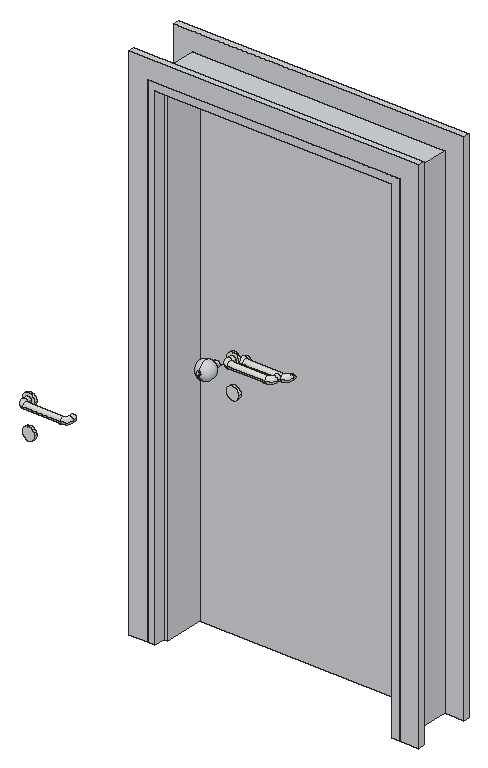
Revit family "0024_M_DR_W_FSD1", category 문, Revit 2026
Family settings
  호스트 = 벽
  항상 수직 = 예
  로드될 때 보이드를 사용하여 절단 = 아니오
  공유 = 아니오
  룸 계산 점 = 아니오
Parameters
  프레임 투영 외부 = 25 mm
  프레임 투영 내부 = 25 mm
  프레임 폭 = 75 mm
  창호부호 = "FSD"
  문틀재료 = "1.6mm ST`L EGI PL"
  문틀마감 = "조합페인트"
  문짝재료 = "1.2mm ST`L EGI PL  양면"
  문짝마감 = "정전분체도장"
  문번호 = "1"
  높이 = 2000 mm
  벽 마무리 = 호스트별
  폭 = 1000 mm
  Function = (empty or 0)
  Assembly Code = ""
Reference planes
  plane 1: y = 0
  plane 2 "중심(왼쪽/오른쪽)": x = 0
  plane 3 "왼쪽": x = -500
  plane 4 "오른쪽": x = 500
  plane 5: z = 2000
  plane 6 "외부": y = 100
  plane 7 "내부": y = -100
  plane 8 "축": x = -390
  plane 9: z = 940
  plane 10: y = 75
  plane 11: y = -75
Forms (mm)
  Extrusion 1, solid
    sketch origin (-3050, -100, 0) x (1, 0, 0) y (0, 0, 1)
      loop
        line (2475, 0) -> (2550, 0) -> (2550, 2000) -> (3550, 2000) -> (3550, 0) -> (3625, 0) -> (3625, 2075) -> (2475, 2075) -> (2475, 0)
    from 0 to 25
  Extrusion 2, solid
    sketch origin (-3050, 100, 0) x (-1, 0, 0) y (0, 0, 1)
      loop
        line (-2550, 0) -> (-2475, 0) -> (-2475, 2075) -> (-3625, 2075) -> (-3625, 0) -> (-3550, 0) -> (-3550, 2000) -> (-2550, 2000) -> (-2550, 0)
    from 0 to 25
  Sweep 3, solid
    path origin (0, -100, 0) x (1, 0, 0) y (0, 0, 1)
      loop
        line (-500, 0) -> (-500, 2000) -> (500, 2000) -> (500, 0)
    profile origin (-500, -100, 1000) x (-1, 0, 0) y (0, -1, 0)
      loop
        line (0, 25) -> (-30, 25) -> (-30, -20) -> (-45, -20) -> (-45, -180) -> (-30, -180) -> (-30, -225) -> (0, -225) -> (0, 25)
  Extrusion 4, solid
    sketch origin (0, 0, 0) x (1, 0, 0) y (0, 1, 0)
      loop
        line (-470, 80) -> (470, 80) -> (470, 120) -> (-470, 120) -> (-470, 80)
    from 0 to 1970
  Revolve 5, solid
    sketch origin (-390, -5, 0) x (0, -1, 0) y (0, 0, 1)
      loop
        arc (-144.576, 952.903) -> (-179.211, 974.937) -> (-210.957, 948.912) r 35
        line (-210.957, 948.912) -> (-207.421, 945.376) -> (-207.421, 940) -> (-2.579, 940) -> (-2.579, 945.376) -> (0.957, 948.912)
        arc (0.957, 948.912) -> (-30.789, 974.937) -> (-65.424, 952.903) r 35
        line (-65.424, 952.903) -> (-144.576, 952.903)
      axis (0.957, 940) -> (-210.957, 940)
    angle from 0 to 360
Lines and regions (mm)
  Opening 1
    outline origin (-3050, -100, 0) x (1, 0, 0) y (0, 0, 1)
      loop
        line (2550, 0) -> (3550, 0) -> (3550, 2000) -> (2550, 2000) -> (2550, 0)
  symbolic lines, style "입면도 스윙"
    curve 1: line (500, -100, 1000) -> (-500, -100, 2000)
    curve 2: line (-500, 100, 0) -> (500, 100, 1000)
  symbolic lines, style "Doors"
    curve 3: line (470, 1020.073, 0) -> (470, 80, 0)
    curve 4: line (430, 1020.073, 0) -> (470, 1020.073, 0)
    curve 5: line (430, 80, 0) -> (430, 1020.073, 0)
    curve 6: line (470, 80, 0) -> (430, 80, 0)
    curve 7: arc (430, 1020.073, 0) -> (-210.587, 732.5, 0) -> (-470, 80, 0) r 934.342
Text (mm)
  text "Exterior" at (-2295.016, 1099.543, 0), in view "참조 레벨"
  text "Exterior" at (0, 1615.38, 3698.081), in view "왼쪽"
  text "Exterior" at (0, 1036.032, 3874.932), in view "오른쪽"
Dimensions and locks
  equal spacing: plane 3 "왼쪽", plane 2 "중심(왼쪽/오른쪽)", plane 4 "오른쪽"
  "폭": plane 3 "왼쪽" to plane 4 "오른쪽"
  "높이": plane 5 to host wall
  host wall to plane 5 = 2000 mm  (x2)
  "프레임 투영 외부": Extrusion 2 to Extrusion 2
  "프레임 투영 내부": Extrusion 1 to Extrusion 1
  "프레임 폭": plane 3 "왼쪽" to Extrusion 1 sketch curve
  "프레임 폭": plane 4 "오른쪽" to Extrusion 1 sketch curve
  "프레임 폭": Extrusion 1 sketch curve to plane 5
  "프레임 폭": plane 4 "오른쪽" to Extrusion 2 sketch curve
  "프레임 폭": plane 3 "왼쪽" to Extrusion 2 sketch curve
  "프레임 폭": plane 5 to Extrusion 2 sketch curve
  locked: plane 6 "외부" to host wall at 0
  locked: plane 7 "내부" to host wall
  locked: plane 3 "왼쪽" to plane 8 "축" at 110
  aligned and locked: plane 3 "왼쪽" to Opening 1 sketch curve
  aligned and locked: plane 5 to Opening 1 sketch curve  (x2)
  aligned and locked: Opening 1 sketch curve to plane 4 "오른쪽"
  aligned and locked: Opening 1 sketch curve to level
  aligned and locked: level to Extrusion 1 sketch curve
  aligned and locked: plane 5 to Extrusion 1 sketch curve  (x2)
  aligned and locked: Extrusion 1 sketch curve to plane 4 "오른쪽"
  aligned and locked: Extrusion 1 sketch curve to plane 3 "왼쪽"
  aligned and locked: plane 3 "왼쪽" to Extrusion 2 sketch curve
  aligned and locked: plane 5 to Extrusion 2 sketch curve  (x2)
  aligned and locked: level to Extrusion 2 sketch curve
  aligned and locked: plane 5 to curve 1
  aligned and locked: plane 1 to host wall
  aligned and locked: Extrusion 4 sketch curve to Sweep 3  (x2)
  aligned and locked: Extrusion 4 to Sweep 3
  aligned and locked: Sweep 3 sketch curve to plane 5
  aligned and locked: Sweep 3 sketch curve to plane 4 "오른쪽"
  aligned and locked: plane 3 "왼쪽" to Sweep 3 sketch curve
  aligned and locked: host wall to curve 1
Automatic sketch dimensions
  Extrusion 2 sketch curve to plane 4 "오른쪽" = 0 mm
  Extrusion 1 sketch curve to level = 0 mm
  Extrusion 2 sketch curve to level = 0 mm
  Sweep 3 sketch curve to level = 0 mm  (x2)
  Extrusion 4 sketch curve to host wall = 20 mm
  host wall to Extrusion 4 sketch curve = 20 mm
  curve 7 to host wall = 20 mm
  curve 7 to plane 3 "왼쪽" = 30 mm
  plane 4 "오른쪽" to curve 7 = 70 mm
  curve 7 to host wall = 13.639 mm
  curve 5 to curve 7 = 34.321 mm
  plane 4 "오른쪽" to curve 4 = 30 mm
  curve 3 to curve 7 = 6.361 mm
  Sweep 3 sketch curve to profile plane = 0 mm
  profile plane to Sweep 3 sketch curve = 30 mm  (x2)
  Sweep 3 sketch curve to Sweep 3 sketch curve = 15 mm
  Sweep 3 sketch curve to plane 7 "내부" = 225 mm
  Sweep 3 sketch curve to Sweep 3 sketch curve = 45 mm
  Sweep 3 sketch curve to plane 7 "내부" = 20 mm
  plane 7 "내부" to Sweep 3 sketch curve = 25 mm
  Revolve 5 sketch curve to plane 9 = 0 mm  (x4)
  host wall to Revolve 5 sketch curve = 116.634 mm
  Revolve 5 sketch curve to Revolve 5 sketch curve = 10.677 mm
  Revolve 5 sketch curve to plane 9 = 5.376 mm  (x2)
  Revolve 5 sketch curve to Revolve 5 sketch curve = 3.536 mm  (x3)
  Revolve 5 sketch curve to Revolve 5 sketch curve = 30.311 mm
  Revolve 5 sketch curve to Revolve 5 sketch curve = 32.535 mm
  host wall to Revolve 5 sketch curve = 20 mm
  Revolve 5 sketch curve to plane 10 = 14.576 mm
  Revolve 5 sketch curve to host wall = 27.89 mm
  host wall to Revolve 5 sketch curve = 2.421 mm
  curve 2 to level = 0 mm
  curve 2 to plane 3 "왼쪽" = 0 mm
  curve 2 to plane 4 "오른쪽" = 0 mm
  curve 2 to curve 1 = 0 mm
  curve 1 to plane 4 "오른쪽" = 0 mm
  level to curve 2 = 1000 mm
Nested families
  nested 1: "KO_Door Handle" at (-270, 95, 0), type "KO_Door Handle"
  nested 2: "KO_Door Handle" at (-300, 55, 0), type "KO_Door Handle"
  nested 3: "KO_Door Handle" at (-635, -540, 0), type "KO_Door Handle"
Definition of nested family "KO_Door Handle"
  Parameters
    Default Elevation = 0 mm
  Reference planes
    plane 1 "중심(앞/뒤)": y = 0
    plane 2: z = 0
    plane 3 "중심(왼쪽/오른쪽)": x = 0
    plane 4 "하드웨어": z = 1000
  Forms (mm)
    Sweep 1, solid, detail levels fine
      path origin (0, 0, 1000) x (0, -1, 0) y (1, 0, 0)
        loop
          line (0, 0) -> (25, 0)
          arc (25, 0) -> (35.607, 4.393) -> (40, 15) r 15
          line (40, 15) -> (40, 165)
          arc (40, 165) -> (35.607, 175.607) -> (25, 180) r 15
          line (25, 180) -> (10, 180)
      profile origin (0, -12.5, 0) x (1, 0, 0) y (0, 0, 1)
        loop
          circle (0, 1000) r 12
    Extrusion 2, solid, detail levels fine
      sketch origin (0, 0, 0) x (1, 0, 0) y (0, 0, 1)
        loop
          circle (1.5, 1000) r 25
      from 0 to 8
    Extrusion 3, solid, detail levels fine
      sketch origin (0, 0, -120) x (1, 0, 0) y (0, 0, 1)
        loop
          circle (1.5, 1000) r 25
      from 0 to 8
  Cuts and joins
    joined: Sweep 1, Extrusion 2
  Dimensions and locks
    locked: plane 4 "하드웨어" to plane 2 at 1000
    locked: plane 4 "하드웨어" to Extrusion 3 at 120
